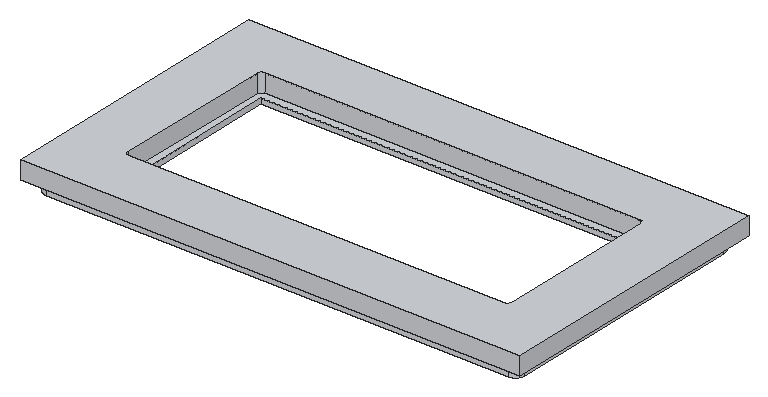
Revit family "Gira_1002217", category Electrical Fixtures, host Face, Revit 2017
Family settings
  Host = Face
  Maintain Annotation Orientation = No
  Round Connector Dimension = Use Diameter
  Part Type = Normal
  Cut with Voids When Loaded = No
  Shared = No
  Room Calculation Point = No
Parameters (values of type "Abdeckrahmen 2f o.M. Gira Esprit Alum.Hellgold")
  Werkstoffgüte = "aluminium"
  Werkstoff = "Metall"
  URL = "http://katalog.gira.de/de_DE/datenblatt.html?artikelnr=1002217"
  Transparent = "No"
  Textfeld/Beschriftungsfläche = "No"
  Schutzart (IP) = "IP20"
  Region = "DE"
  Oberfläche = "sonstige"
  Name = "Abdeckrahmen 2f o.M. Gira Esprit Alum.Hellgold"
  Montagerichtung = "horizontal und vertikal"
  Mit Montagerahmen = "No"
  Mit Klappdeckel = "No"
  Manufacturer URL = "https://www.gira.de/"
  Keynote = "Espr._Rahmen_2fach o.Mittelsteg"
  HeinzeBIM = "https://bimportal.heinze.de/bim/abdeckrahmen-2f-o-m-gira-esprit-alum-hellgold/1b89d7cd620234dcf13a46964351cd0773af8aa3"
  Halogenfrei = "No"
  HAN = "1002217"
  Geeignet für Unterputz-Installation = "Yes"
  Geeignet für Unterflurkanaldose = "No"
  Geeignet für Geräteeinbaukanal = "No"
  Geeignet für Einbauinstallation = "No"
  GTIN = "4010337015758"
  Farbe = "aluminium"
  Default Elevation = 1219.2 mm
  Data sheet (1) = "https://katalog.gira.de/de_DE/download.html?artikelnr=1002217"
  Category = "Abdeckrahmen"
  Befestigungsart = "Klemmbefestigung"
  Available = "Yes"
  Anzahl der Einheiten vertikal = "2 "
  Anzahl der Einheiten horizontal = "2 "
  Anzahl der Einheiten = "2 "
Reference planes
  plane 1 "Center (Front/Back)": y = 0
  plane 2: z = 0
  plane 3 "Center (Left/Right)": x = 0
Forms (mm)
  Extrusion 1, solid, detail levels fine
    sketch origin (0, 0, 0) x (1, 0, 0) y (0, 1, 0)
      loop
        line (-83, 47.5) -> (-83, -47.5) -> (83, -47.5) -> (83, 47.5) -> (-83, 47.5)
      loop
        arc (-63.75, -26.7) -> (-63.311, -27.761) -> (-62.25, -28.2) r 1.5
        line (-62.25, -28.2) -> (62.25, -28.2)
        arc (62.25, -28.2) -> (63.311, -27.761) -> (63.75, -26.7) r 1.5
        line (63.75, -26.7) -> (63.75, 26.7)
        arc (63.75, 26.7) -> (63.311, 27.761) -> (62.25, 28.2) r 1.5
        line (62.25, 28.2) -> (-62.25, 28.2)
        arc (-62.25, 28.2) -> (-63.311, 27.761) -> (-63.75, 26.7) r 1.5
        line (-63.75, 26.7) -> (-63.75, -26.7)
    from 0 to 6
  Extrusion 2, solid, detail levels fine
    sketch origin (0, 0, 0) x (1, 0, 0) y (0, 1, 0)
      loop
        line (-61.518, -25.7) -> (61.45, -25.7) -> (61.45, 25.7) -> (-61.518, 25.7) -> (-61.518, -25.7)
      loop
        arc (-78.55, -41.3) -> (-78.023, -42.573) -> (-76.75, -43.1) r 1.8
        line (-76.75, -43.1) -> (77.95, -43.1)
        arc (77.95, -43.1) -> (79.223, -42.573) -> (79.75, -41.3) r 1.8
        line (79.75, -41.3) -> (79.75, 41.3)
        arc (79.75, 41.3) -> (79.223, 42.573) -> (77.95, 43.1) r 1.8
        line (77.95, 43.1) -> (-76.75, 43.1)
        arc (-76.75, 43.1) -> (-78.023, 42.573) -> (-78.55, 41.3) r 1.8
        line (-78.55, 41.3) -> (-78.55, -41.3)
    from -1.9 to 0
  Extrusion 3, solid, detail levels fine
    sketch origin (0, 0, 0) x (1, 0, 0) y (0, 1, 0)
      loop
        arc (-76.75, 44.4) -> (-78.871, 43.521) -> (-79.75, 41.4) r 3
        line (-79.75, 41.4) -> (-79.75, -41.4)
        arc (-79.75, -41.4) -> (-78.871, -43.521) -> (-76.75, -44.4) r 3
        line (-76.75, -44.4) -> (76.75, -44.4)
        arc (76.75, -44.4) -> (78.871, -43.521) -> (79.75, -41.4) r 3
        line (79.75, -41.4) -> (79.75, 41.4)
        arc (79.75, 41.4) -> (78.871, 43.521) -> (76.75, 44.4) r 3
        line (76.75, 44.4) -> (-76.75, 44.4)
      loop
        arc (-78.55, -41.4) -> (-78.023, -42.673) -> (-76.75, -43.2) r 1.8
        line (-76.75, -43.2) -> (76.75, -43.2)
        arc (76.75, -43.2) -> (78.023, -42.673) -> (78.55, -41.4) r 1.8
        line (78.55, -41.4) -> (78.55, 41.4)
        arc (78.55, 41.4) -> (78.023, 42.673) -> (76.75, 43.2) r 1.8
        line (76.75, 43.2) -> (-76.75, 43.2)
        arc (-76.75, 43.2) -> (-78.023, 42.673) -> (-78.55, 41.4) r 1.8
        line (-78.55, 41.4) -> (-78.55, -41.4)
    from -3.7 to 0
  Extrusion 4, solid, detail levels medium
    sketch origin (0, 0, 0) x (1, 0, 0) y (0, 1, 0)
      loop
        line (-83, 47.5) -> (-83, -47.5) -> (83, -47.5) -> (83, 47.5) -> (-83, 47.5)
    from 0 to 6
  Extrusion 5, solid, detail levels medium
    sketch origin (0, 0, 0) x (1, 0, 0) y (0, 1, 0)
      loop
        line (-79.75, 44.4) -> (-79.75, -44.4) -> (79.75, -44.4) -> (79.75, 44.4) -> (-79.75, 44.4)
    from -3.7 to 0
  Extrusion 6, solid, detail levels coarse
    sketch origin (0, 0, 0) x (1, 0, 0) y (0, 1, 0)
      loop
        line (-83, 47.5) -> (-83, -47.5) -> (83, -47.5) -> (83, 47.5) -> (-83, 47.5)
    from -3.7 to 6
Dimensions and locks
  aligned and locked: plane 2 to host face
  aligned and locked: level to host face
